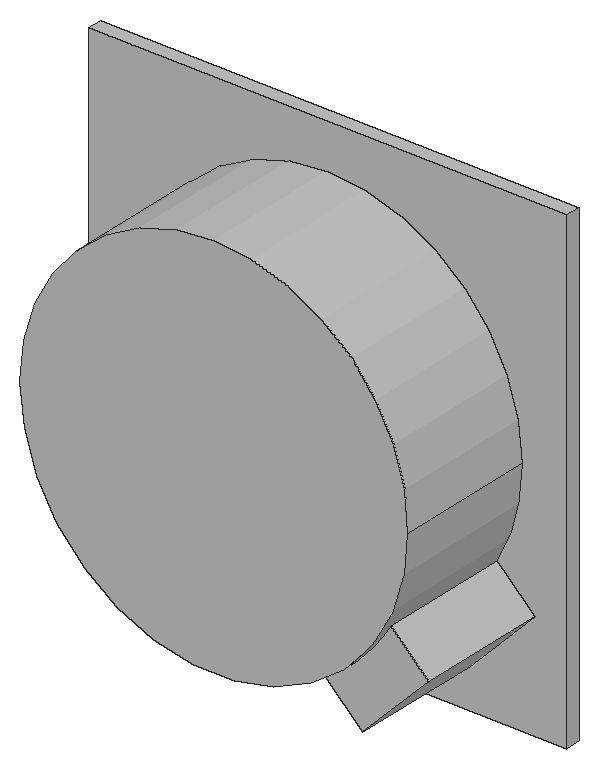
Revit family "ef-20_30uys(q)2_uas(q)2_ubs(q)2_50Hz", category 機械設備, Revit 2019
Family settings
  丸型コネクタ寸法 = 直径を使用
  パーツ タイプ = 標準
  OmniClass 番号 = 23.75.35.21.17
  OmniClass タイトル = Industrial Ventilating Equipment
  作業面ベース = いいえ
  常に垂直 = はい
  ロード時にボイドで切り取り = はい
  共有 = いいえ
  部屋計算ポイント = はい
Parameters (values of type "EF-20UYS2")
  騒音レベル(dB(A)) [instance] = 38.5
  風量 [instance] = 設計風量  # 0.0 m³/h
  電源種別 [instance] = ""
  電圧 = 100 V
  電動機出力 = 20 W
  電動機_種別 [instance] = ""
  運転質量 = 0.00 kg
  連動 [instance] = ""
  質量 = if(製品質量 > 運転質量, 製品質量, 運転質量) * 1.2  # 2.76 kg
  負荷分類 = 3_ファン類
  説明 = "産業用有圧換気扇 機器冷却用 排気専用 排気形"
  設計風量 [instance] = 0.0 m³/h
  設置方法 = "壁付"
  記号 [instance] = ""
  製造元 = "三菱電機株式会社"
  製品質量 = 2.30 kg
  製品出荷対象 = "国内"
  製品リリース年月 = "2022年6月1日"
  製品グループ = ""
  羽根径 = "∅200"
  系統 [instance] = ""
  符号 [instance] = if(☑給気／□排気, "FS", "FE")  # "FE"
  積算_科目 = ""
  積算_拾い区分 [instance] = ""
  相 = 1
  盤記号 [instance] = ""
  盤工事区分 = ""
  発停方法 [instance] = ""
  特殊仕様 [instance] = ""
  火災停止 [instance] = ""
  消費電力 = 33 W
  法定耐用年数 = "15"
  極数 = 2
  極 = 4
  材質 [instance] = ""
  操作・制御方式 = ""
  操作・制御スイッチ = ""
  排気量 [instance] = if(☑給気／□排気, 0.0 m³/h, 設計風量)  # 0.0 m³/h
  形式 = ""
  幹線記号 [instance] = ""
  対象室 [instance] = ""
  実風量 [instance] = 0.0 m³/h
  始動方式 [instance] = "直入"
  外気量 [instance] = if(☑給気／□排気, 設計風量, 0.0 m³/h)  # 0.0 m³/h
  呼称 = "有圧扇"
  周波数 = 50 Hz
  参照している仕様書等のバージョン = ""
  分類コード = "50052503100110"
  分類グループ = ""
  価格 = 42500
  企業コード = "108420"
  付属品_防振装置 = ""
  付属品 [instance] = ""
  仕様書バージョン = "Version1.0"
  モデル = "EF-20UYS2"
  ボックス_Width = 40 mm
  ボックス_Height = 63 mm
  ボックス_Depth = 99 mm
  フレームの厚さ = 10 mm
  ファンの種類 = "軸流羽根"
  コメント [instance] = ""
  Keynote = ""
  オリフィス_Depth = 50 mm
  ☑給気／□排気 [instance] = no
  Width = 320 mm
  Version = ""
  Uniclass2015Version = "Systems v1.9"
  Uniclass2015Title = "Propeller fans"
  Uniclass2015Code = "Pr_65_67_29_67"
  URL = "https://www.mitsubishielectric.co.jp/ldg/wink/ssl/displayProduct.do?pid=319134"
  SpecificationReference = ""
  SpecificationDescription = ""
  Revision = ""
  ProductInformation = ""
  OmniClassCode = "23-33 31 19 11 17"
  MIN風量 = 0.0 m³/h
  MID風量 = 0.0 m³/h
  MAX風量 = 730.0 m³/h
  IfcTypeProduct = ""
  IfcProduct = ""
  IfcExportType = "TUBEAXIAL"
  IfcExportAs = "IfcFanType"
  Height = 320 mm
  オリフィス径 = 260 mm
  Depth = 105 mm
  Box_W = 95 mm
  Box_H = 26.2 mm
  Box_Angle = 46.00°
  Author = "三菱電機株式会社"
Types (6, lengths in mm): name | 騒音レベル(dB(A)) | 電動機出力 | 質量 | 説明 | 製品質量 | 羽根径 | 消費電力 | 価格 | モデル | Width | URL | MAX風量 | Height | オリフィス径 | Depth | Box_W | Box_H
  EF-20UYS2 | 38.5 | 20 W | 2.76 kg | "産業用有圧換気扇 機器冷却用 排気専用 排気形" | 2.30 kg | "∅200" | 33 W | 42500 | "EF-20UYS2" | 320 | "https://www.mitsubishielectric.co.jp/ldg/wink/ssl/displayProduct.do?pid=319134" | 730.0 m³/h | 320 | 260 | 105 | 95 | 26.2
  EF-25UAS2 | 41.5 | 35 W | 3.96 kg | "産業用有圧換気扇 機器冷却用 排気専用 排気形" | 3.30 kg | "∅250" | 48 W | 45400 | "EF-25UAS2" | 370 | "https://www.mitsubishielectric.co.jp/ldg/wink/ssl/displayProduct.do?pid=319148" | 1230.0 m³/h | 370 | 305 | 115 | 117.5 | 27.9
  EF-30UBS2 | 46.5 | 65 W | 5.76 kg | "産業用有圧換気扇 機器冷却用 排気専用 排気形" | 4.80 kg | "∅300" | 78 W | 58000 | "EF-30UBS2" | 420 | "https://www.mitsubishielectric.co.jp/ldg/wink/ssl/displayProduct.do?pid=318934" | 1920.0 m³/h | 420 | 340 | 125 | 144 | 29.8
  EF-20UYSQ2 | 40.5 | 20 W | 2.76 kg | "産業用有圧換気扇 機器冷却用 排気専用 給気形" | 2.30 kg | "∅200" | 32 W | 44500 | "EF-20UYSQ2" | 320 | "https://www.mitsubishielectric.co.jp/ldg/wink/ssl/displayProduct.do?pid=319137" | 670.0 m³/h | 320 | 260 | 105 | 95 | 26.2
  EF-25UASQ2 | 45 | 35 W | 3.96 kg | "産業用有圧換気扇 機器冷却用 排気専用 給気形" | 3.30 kg | "∅250" | 46 W | 47800 | "EF-25UASQ2" | 370 | "https://www.mitsubishielectric.co.jp/ldg/wink/ssl/displayProduct.do?pid=319151" | 1200.0 m³/h | 370 | 305 | 115 | 117.5 | 27.9
  EF-30UBSQ2 | 50.5 | 65 W | 5.76 kg | "産業用有圧換気扇 機器冷却用 排気専用 給気形" | 4.80 kg | "∅300" | 75 W | 60900 | "EF-30UBSQ2" | 420 | "https://www.mitsubishielectric.co.jp/ldg/wink/ssl/displayProduct.do?pid=318937" | 1850.0 m³/h | 420 | 340 | 125 | 144 | 29.8
Reference planes
  plane 1 "中心(正面/背面)": y = 0
  plane 2: z = 0
  plane 3 "中心(左/右)": x = 0
  plane 4: z = 0
  plane 5: through (212.832, -1524, 243.759) normal (-0.6508, 0, -0.7593)
  plane 6: through (-212.884, -1524, -243.751) normal (0.6508, 0, 0.7593)
  plane 7: through (208.307, -1524, -247.63) normal (-0.6508, 0, 0.7593)
  plane 8: z = 160
  plane 9: z = -160
  plane 10 "左": x = -160
  plane 11 "右": x = 160
  plane 12 "正面": y = -105
  plane 13: y = -10
  plane 14: through (-208.307, -1524, -247.63) normal (-0.6508, 0, -0.7593)
  plane 15: y = 145
  plane 16: y = 245
  plane 17: x = -250
  plane 18: x = 250
  plane 19: y = -99
  plane 20: x = 95
  plane 21: z = -133.8
  plane 22: through (116.964, -1524, -111.056) normal (-0.7193, 0, 0.6947)
Forms (mm)
  Extrusion 1, solid, detail levels fine
    sketch origin (0, 0, 0) x (1, 0, 0) y (0, 1, 0)
      loop
        line (-160, 0) -> (-160, -10) -> (160, -10) -> (160, 0) -> (-160, 0)
    from -160 to 160
  Extrusion 2, solid
    sketch origin (0, -153.783, 0) x (1, 0, 0) y (0, 0, 1)
      loop
        circle (0, 0) r 130
    from -143.783 to -48.783
  Extrusion 3, solid
    sketch origin (0, -105, 0) x (0, 0, -1) y (1, 0, 0)
      loop
        line (133.8, 95) -> (88.482, 138.763) -> (60.695, 109.99) -> (106.014, 66.226) -> (133.8, 95)
    from -95 to -6
Cuts and joins
  joined: Extrusion 2, Extrusion 3
Lines and regions (mm)
  Masking region 1, detail levels coarse+medium
    outline origin (0, 0, 0) x (1, 0, 0) y (0, 1, 0)
      loop
        line (-250, -105) -> (250, -105) -> (250, 145) -> (-250, 145) -> (-250, -105)
  Masking region 2, detail levels coarse+medium
    outline origin (0, 0, 0) x (1, 0, 0) y (0, 1, 0)
      loop
        line (-124, 145) -> (124, 145) -> (124, 245) -> (-124, 245) -> (-124, 145)
  symbolic lines, detail levels coarse+medium
    curve 1: circle (124, -104.5, 0) r 115 normal (0, 0, 1)
    curve 2: circle (-124, -104.5, 0) r 115 normal (0, 0, -1)
Dimensions and locks
  level to plane 4 = 0 mm
  equal spacing: plane 8, level, plane 9
  "Depth": plane 12 "正面" to plane 1 "中心(正面/背面)"  (x2)
  "Width": plane 10 "左" to plane 11 "右"
  "Height": plane 8 to plane 9
  "フレームの厚さ": plane 13 to plane 1 "中心(正面/背面)"
  plane 12 "正面" to plane 15 to plane 16 = 250 mm locked, 100 mm locked
  locked: plane 17 to plane 18 at 500
  equal spacing: plane 10 "左", plane 3 "中心(左/右)", plane 11 "右"
  "Box_H": plane 21 to plane 9
  "Box_W": plane 20 to plane 3 "中心(左/右)"
  "ボックス_Depth": plane 1 "中心(正面/背面)" to plane 19
  "ボックス_Height": Extrusion 3 sketch curve to Extrusion 3 sketch curve
  "ボックス_Width": Extrusion 3 sketch curve to Extrusion 3 sketch curve
  "オリフィス径": diameter of Extrusion 2 sketch curve
  "Box_Angle": angle plane 21 to plane 22
  angle Extrusion 3 sketch curve to Extrusion 3 sketch curve = 90.00°  (x2)
  aligned and locked: level to plane 2
  aligned and locked: Extrusion 1 to plane 8
  aligned and locked: plane 10 "左" to Extrusion 1
  aligned and locked: Extrusion 1 to plane 11 "右"
  aligned and locked: plane 9 to Extrusion 1
  aligned and locked: Extrusion 1 to plane 13
  aligned and locked: Extrusion 1 to plane 1 "中心(正面/背面)"  (x5)
  aligned and locked: plane 1 "中心(正面/背面)" to Extrusion 1  (x2)
  aligned and locked: plane 12 "正面" to Masking region 1 sketch curve
  aligned and locked: Masking region 1 sketch curve to plane 17
  aligned and locked: plane 15 to Masking region 1 sketch curve
  aligned and locked: plane 18 to Masking region 1 sketch curve
  aligned and locked: Masking region 2 sketch curve to plane 15
  aligned and locked: plane 16 to Masking region 2 sketch curve
  aligned and locked: Extrusion 2 to Extrusion 1
  aligned and locked: plane 13 to Extrusion 3
  aligned and locked: Extrusion 3 to plane 19
  aligned and locked: Extrusion 3 sketch curve to plane 22
  aligned and locked: plane 12 "正面" to Extrusion 2
Automatic sketch dimensions
  Extrusion 1 sketch curve to plane 10 "左" = 0 mm
  Extrusion 1 sketch curve to plane 11 "右" = 0 mm
  Extrusion 1 sketch curve to plane 13 = 0 mm
  plane 1 "中心(正面/背面)" to Extrusion 1 sketch curve = 0 mm
  Extrusion 2 sketch curve to level = 0 mm
  Extrusion 2 sketch curve to plane 3 "中心(左/右)" = 0 mm
  curve 2 to plane 10 "左" = 36 mm
  Masking region 2 sketch curve to plane 10 "左" = 36 mm
  plane 11 "右" to curve 1 = 36 mm
  plane 11 "右" to Masking region 2 sketch curve = 36 mm
  Extrusion 3 sketch curve to plane 20 = 0 mm
  curve 2 to plane 12 "正面" = 0.5 mm
  curve 1 to plane 12 "正面" = 0.5 mm
  radius of curve 1 = 115 mm
  radius of curve 2 = 115 mm
Connectors
  electrical at (160, -5, 0), driven by "電圧", driven by "負荷分類", driven by "消費電力", driven by "極数"
    settings: on Extrusion 1, index 2, voltage 100 V, apparent load 33 VA, apparent load phase1 0 VA, apparent load phase2 0 VA, apparent load phase3 0 VA, power factor 1, load classification "3_ファン類", number of poles 2, system type 30, power factor state 1, is connector primary yes, connector utility no, sub classification motor no, connector description ""
